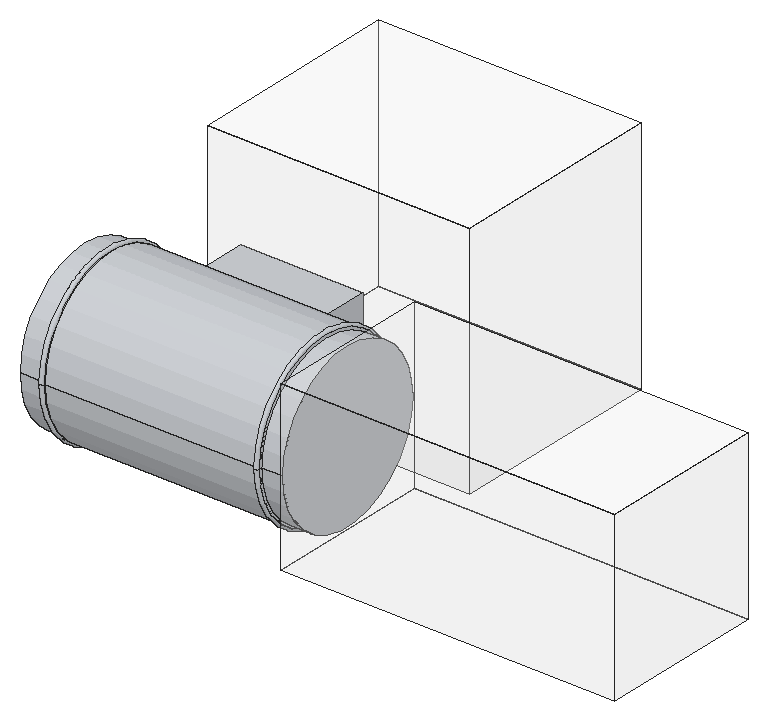
Revit family "SA_VAV", category ダクト付属品, Revit 2020
Family settings
  丸型コネクタ寸法 = 直径を使用
  パーツ タイプ = 割り込み
  OmniClass 番号 = 23.75.00.00
  OmniClass タイトル = Climate Control (HVAC)
  作業面ベース = いいえ
  常に垂直 = はい
  ロード時にボイドで切り取り = いいえ
  共有 = いいえ
Parameters (values of type "MW型")
  風量 [instance] = 0.0 L/s
  静圧 [instance] = 0.0 Pa
  Description = ""
  記号 [instance] = ""
  系統 = ""
  符号 = "可変風量ユニット"
  種別 = ""
  機器メーカー名 = "協立エアテック"
  既定の高さ = 0 mm
  接続部 [instance] = ダクト径 - 10 mm  # 340 mm
  形式 = "MW型"
  対象室 [instance] = ""
  呼称 = "VAV"
  メンテナンススペース [instance] = yes
  メンテ_W [instance] = ダクト径 * 2  # 700 mm
  メンテ_H [instance] = ダクト径  # 350 mm
  メンテ_D [instance] = ダクト径  # 350 mm
  ダクト径 [instance] = 350 mm
  VAV長さ [instance] = if(ダクト径 > 200 mm, 550 mm, 450 mm)  # 550 mm
  ダクト半径 [instance] = ダクト径 / 2  # 175 mm
  Type Comments = ""
  MIN風量 = 0.0 L/s
  MIN静圧 = 0.0 Pa
  MAX風量 = 0.0 L/s
  MAX静圧 = 0.0 Pa
  2D [instance] = yes
Reference planes
  plane 1 "中心(正面/背面)": y = 0
  plane 2: z = 0
  plane 3 "中心(左/右)": x = 0
  plane 4 "長_左": x = -275
  plane 5 "長-右": x = 275
  plane 6 "紐-右": x = 230
  plane 7: y = 175
  plane 8: y = 175
  plane 9: y = 175
  plane 10 "制御-あ": y = 175
  plane 11 "制御-い": y = 320
  plane 12 "制御-端": x = -205
  plane 13 "紐-左": x = -230
  plane 14: y = -106.315
Forms (mm)
  Revolve 1, solid
    sketch origin (0, 0, 0) x (1, 0, 0) y (0, 1, 0)
      loop
        line (-230, 175) -> (-230, 0) -> (230, 0) -> (230, 175) -> (-230, 175)
      axis (-230, 0) -> (230, 0)
    angle from 0 to 360
  Extrusion 2, solid
    sketch origin (-36.5, 45, 0) x (1, 0, 0) y (0, 1, 0)
      loop
        line (-168.5, 275) -> (-168.5, 130) -> (86.5, 130) -> (86.5, 275) -> (-168.5, 275)
    from -50 to 50
  Revolve 3, solid
    sketch origin (-340, 0, 0) x (1, 0, 0) y (0, 1, 0)
      loop
        arc (120, 175) -> (115, 180) -> (110, 175) r 5
        line (110, 175) -> (110, 0) -> (120, 0) -> (120, 175)
      axis (120, 0) -> (110, 0)
    angle from 0 to 360
  Revolve 4, solid
    sketch origin (-340, 0, 0) x (1, 0, 0) y (0, 1, 0)
      loop
        arc (570, 175) -> (565, 180) -> (560, 175) r 5
        line (560, 175) -> (560, 0) -> (570, 0) -> (570, 175)
      axis (570, 0) -> (560, 0)
    angle from 0 to 360
  Extrusion 5, solid
    sketch origin (0, 0, 0) x (0, 1, 0) y (0, 0, 1)
      loop
        circle (0, 0) r 170
    from 230 to 275
  Extrusion 6, solid
    sketch origin (0, 0, 0) x (0, 1, 0) y (0, 0, 1)
      loop
        circle (0, 0) r 170
    from -275 to -230
Lines and regions (mm)
  model lines, style "メンテナンススペース", visible <- "メンテナンススペース"
    curve 1: line (-275, 770, 0) -> (275, 320, 0)
    curve 2: line (275, 770, 0) -> (-275, 320, 0)
Dimensions and locks
  "ダクト半径": plane 1 "中心(正面/背面)" to plane 7
  "ダクト半径": plane 8 to plane 1 "中心(正面/背面)"
  "ダクト半径": plane 1 "中心(正面/背面)" to plane 9
  "ダクト半径": plane 1 "中心(正面/背面)" to plane 10 "制御-あ"
  locked: plane 11 "制御-い" to plane 10 "制御-あ" at 145
  locked: Extrusion 2 to Extrusion 2 at 255
  locked: Revolve 4 sketch curve to Revolve 4 sketch curve at 10
  locked: plane 6 "紐-右" to plane 5 "長-右" at 45
  locked: Revolve 3 sketch curve to Revolve 3 sketch curve at 10
  locked: plane 4 "長_左" to plane 12 "制御-端" at 70
  locked: plane 4 "長_左" to plane 13 "紐-左" at 45
  "ダクト径": plane 10 "制御-あ" to nested 3
  equal spacing: plane 10 "制御-あ", plane 1 "中心(正面/背面)", nested 3
  equal spacing: plane 13 "紐-左", plane 3 "中心(左/右)", plane 6 "紐-右"
  "VAV長さ": plane 4 "長_左" to plane 5 "長-右"
  "接続部": diameter of Extrusion 5 sketch curve
  "接続部": diameter of Extrusion 6 sketch curve
  aligned and locked: level to plane 2
  aligned and locked: Revolve 1 sketch curve to plane 7
  aligned and locked: Extrusion 2 to plane 10 "制御-あ"
  aligned and locked: plane 11 "制御-い" to Extrusion 2
  aligned and locked: Extrusion 2 to plane 12 "制御-端"
  aligned and locked: plane 6 "紐-右" to Revolve 4 sketch curve
  aligned and locked: nested 1 to plane 5 "長-右"
  aligned and locked: plane 3 "中心(左/右)" to nested 2
  aligned and locked: nested 2 to plane 11 "制御-い"
  aligned and locked: nested 2 to curve 2
  aligned and locked: curve 2 to nested 2
  aligned and locked: nested 2 to curve 1  (x2)
  aligned and locked: plane 13 "紐-左" to Revolve 3 sketch curve
  aligned and locked: nested 3 to plane 13 "紐-左"
  aligned and locked: plane 6 "紐-右" to nested 3
  aligned and locked: nested 3 to plane 10 "制御-あ"
  aligned and locked: Revolve 1 to plane 6 "紐-右"
  aligned and locked: Extrusion 5 to plane 5 "長-右"
  aligned and locked: Extrusion 5 to plane 6 "紐-右"
  aligned and locked: plane 4 "長_左" to Extrusion 6
  aligned and locked: Extrusion 6 to plane 13 "紐-左"
Automatic sketch dimensions
  Extrusion 2 sketch curve to plane 3 "中心(左/右)" = 205 mm
  plane 3 "中心(左/右)" to Extrusion 2 sketch curve = 50 mm
  plane 10 "制御-あ" to Extrusion 2 sketch curve = 145 mm
  curve 1 to plane 5 "長-右" = 0 mm
  curve 2 to plane 11 "制御-い" = 0 mm
  plane 11 "制御-い" to curve 2 = 450 mm
  curve 1 to curve 2 = 0 mm
  Extrusion 2 sketch curve to plane 10 "制御-あ" = 0 mm
  Extrusion 5 sketch curve to level = 0 mm
  Extrusion 5 sketch curve to plane 1 "中心(正面/背面)" = 0 mm
  Revolve 1 sketch curve to plane 13 "紐-左" = 0 mm
  plane 1 "中心(正面/背面)" to Revolve 1 sketch curve = 0 mm  (x2)
  Revolve 1 sketch curve to plane 6 "紐-右" = 0 mm
  Revolve 1 sketch curve to plane 5 "長-右" = 0 mm
  Revolve 1 sketch curve to plane 3 "中心(左/右)" = 50 mm
  plane 1 "中心(正面/背面)" to Revolve 3 sketch curve = 0 mm  (x2)
  Revolve 3 sketch curve to plane 9 = 0 mm
  Revolve 3 sketch curve to Revolve 3 sketch curve = 1.321 mm
  plane 3 "中心(左/右)" to Revolve 3 sketch curve = 33.679 mm
  plane 1 "中心(正面/背面)" to Revolve 4 sketch curve = 0 mm  (x2)
  Revolve 4 sketch curve to plane 8 = 0 mm
  Revolve 4 sketch curve to plane 3 "中心(左/右)" = 26.321 mm
  Revolve 4 sketch curve to Revolve 4 sketch curve = 3.679 mm
  Extrusion 6 sketch curve to level = 0 mm
  Extrusion 6 sketch curve to plane 1 "中心(正面/背面)" = 0 mm
Nested families
  nested 1: "2D" at (625, 0, 0), visible <- "2D", type "サービススペース"
    with Width 700 mm, Height 350 mm, Depth 350 mm
  nested 2: "メンテナンススペース" at (0, 545, 0), visible <- "メンテナンススペース", type "サービススペース"
    with Width 550 mm, Depth 450 mm
  nested 3: "塗り潰し" at (0, 0, 0), type "塗り潰し"
    with W 460 mm, D 350 mm
  nested 4: "文字ファミリ_一般注釈" at (543.431, 313.007, 0), visible <- "2D", type "文字ファミリ_一般注釈"
Connectors
  hvac at (230, 0, 0), driven by "ダクト径", driven by "風量"
    settings: index 1, duct flow 0.0 L/s, flow factor 0, pres drop 0.0 Pa, loss coef 0, conn angle 0.00°, conn width 304.8 mm, conn height 304.8 mm, conn diameter 350 mm, duct sys type 29, conn prof type 0, flow config 0, flow direction 1, loss method 0, conn ref index 2, conn util no, is conn primary yes, conn desc ""
  hvac at (-230, 0, 0), driven by "ダクト径", driven by "風量"
    settings: index 2, duct flow 0.0 L/s, flow factor 0, pres drop 0.0 Pa, loss coef 0, conn angle 0.00°, conn width 304.8 mm, conn height 304.8 mm, conn diameter 350 mm, duct sys type 29, conn prof type 0, flow config 0, flow direction 2, loss method 0, conn ref index 1, conn util no, is conn primary no, conn desc ""
Definition of nested family "2D"
  Parameters (values of type "サービススペース")
    Default Elevation = 0 mm
    Width = 500 mm
    Height = 500 mm
    Depth = 500 mm
  Reference planes
    plane 1 "中心(正面/背面)": y = 0
    plane 2: z = 0
    plane 3 "中心(左/右)": x = 0
    plane 4: y = -250
    plane 5: x = 250
    plane 6: y = 250
    plane 7: x = -250
    plane 8: z = 250
    plane 9: z = -250
  Forms (mm)
    Extrusion 1, solid
      sketch origin (-638.939, 0, 72.39) x (1, 0, 0) y (0, 1, 0)
        loop
          line (388.939, 250) -> (388.939, -250) -> (888.939, -250) -> (888.939, 250) -> (388.939, 250)
      from -322.39 to 177.61
  Lines and regions (mm)
    symbolic lines
      curve 1: line (-250, 0, 250) -> (250, 0, 250)
      curve 2: line (-250, 0, -250) -> (-250, 0, 250)
      curve 3: line (250, 0, -250) -> (-250, 0, -250)
      curve 4: line (250, 0, 250) -> (250, 0, -250)
      curve 5: line (0, -250, 250) -> (0, 250, 250)
      curve 6: line (0, -250, -250) -> (0, -250, 250)
      curve 7: line (0, 250, -250) -> (0, -250, -250)
      curve 8: line (0, 250, 250) -> (0, 250, -250)
      curve 9: line (-250, 250, 0) -> (250, 250, 0)
      curve 10: line (-250, -250, 0) -> (-250, 250, 0)
      curve 11: line (250, -250, 0) -> (-250, -250, 0)
      curve 12: line (250, 250, 0) -> (250, -250, 0)
  Dimensions and locks
    equal spacing: plane 7, plane 3 "中心(左/右)", plane 5
    equal spacing: plane 4, plane 1 "中心(正面/背面)", plane 6
    "Depth": plane 4 to plane 6
    "Width": plane 7 to plane 5
    equal spacing: plane 8, plane 2, plane 9
    "Height": plane 8 to plane 9
    aligned and locked: plane 9 to curve 3
    aligned and locked: plane 7 to curve 2
    aligned and locked: curve 4 to plane 5
    aligned and locked: plane 5 to Extrusion 1
    aligned and locked: Extrusion 1 to plane 7
    aligned and locked: Extrusion 1 to plane 9
    aligned and locked: plane 8 to Extrusion 1
    aligned and locked: plane 9 to curve 7
  Automatic sketch dimensions
    plane 4 to Extrusion 1 sketch curve = 0 mm
    Extrusion 1 sketch curve to plane 7 = 0 mm
    Extrusion 1 sketch curve to plane 5 = 0 mm
    plane 6 to Extrusion 1 sketch curve = 0 mm
    curve 2 to plane 8 = 0 mm
    plane 4 to curve 11 = 0 mm
    curve 11 to plane 7 = 0 mm
    curve 11 to plane 5 = 0 mm
    plane 6 to curve 10 = 0 mm
    curve 7 to plane 4 = 0 mm
    curve 7 to plane 6 = 0 mm
    curve 6 to plane 8 = 0 mm
Definition of nested family "メンテナンススペース"
  Parameters (values of type "サービススペース")
    Default Elevation = 0 mm
    Width = 500 mm
    Height = 500 mm
    Depth = 500 mm
  Reference planes
    plane 1 "中心(正面/背面)": y = 0
    plane 2: z = 0
    plane 3 "中心(左/右)": x = 0
    plane 4: y = -250
    plane 5: x = 250
    plane 6: y = 250
    plane 7: x = -250
    plane 8: z = 250
    plane 9: z = -250
  Forms (mm)
    Extrusion 1, solid
      sketch origin (-638.939, 0, 72.39) x (1, 0, 0) y (0, 1, 0)
        loop
          line (388.939, 250) -> (388.939, -250) -> (888.939, -250) -> (888.939, 250) -> (388.939, 250)
      from -322.39 to 177.61
  Lines and regions (mm)
    symbolic lines
      curve 1: line (-250, 0, 250) -> (250, 0, 250)
      curve 2: line (-250, 0, -250) -> (-250, 0, 250)
      curve 3: line (250, 0, -250) -> (-250, 0, -250)
      curve 4: line (250, 0, 250) -> (250, 0, -250)
      curve 5: line (0, -250, 250) -> (0, 250, 250)
      curve 6: line (0, -250, -250) -> (0, -250, 250)
      curve 7: line (0, 250, -250) -> (0, -250, -250)
      curve 8: line (0, 250, 250) -> (0, 250, -250)
      curve 9: line (-250, 250, 0) -> (250, 250, 0)
      curve 10: line (-250, -250, 0) -> (-250, 250, 0)
      curve 11: line (250, -250, 0) -> (-250, -250, 0)
      curve 12: line (250, 250, 0) -> (250, -250, 0)
  Dimensions and locks
    equal spacing: plane 7, plane 3 "中心(左/右)", plane 5
    equal spacing: plane 4, plane 1 "中心(正面/背面)", plane 6
    "Depth": plane 4 to plane 6
    "Width": plane 7 to plane 5
    equal spacing: plane 8, plane 2, plane 9
    "Height": plane 8 to plane 9
    aligned and locked: plane 9 to curve 3
    aligned and locked: plane 7 to curve 2
    aligned and locked: curve 4 to plane 5
    aligned and locked: plane 5 to Extrusion 1
    aligned and locked: Extrusion 1 to plane 7
    aligned and locked: Extrusion 1 to plane 9
    aligned and locked: plane 8 to Extrusion 1
    aligned and locked: plane 9 to curve 7
  Automatic sketch dimensions
    plane 4 to Extrusion 1 sketch curve = 0 mm
    Extrusion 1 sketch curve to plane 7 = 0 mm
    Extrusion 1 sketch curve to plane 5 = 0 mm
    plane 6 to Extrusion 1 sketch curve = 0 mm
    curve 2 to plane 8 = 0 mm
    plane 4 to curve 11 = 0 mm
    curve 11 to plane 7 = 0 mm
    curve 11 to plane 5 = 0 mm
    plane 6 to curve 10 = 0 mm
    curve 7 to plane 4 = 0 mm
    curve 7 to plane 6 = 0 mm
    curve 6 to plane 8 = 0 mm
Definition of nested family "塗り潰し"
  Parameters (values of type "塗り潰し")
    W [instance] = 200 mm
    D [instance] = 200 mm
  Reference planes
    plane 1 "中心(正面/背面)": y = 0
    plane 2: z = 0
    plane 3 "中心(左/右)": x = 0
    plane 4: x = -100
    plane 5: x = 100
    plane 6: y = 100
    plane 7: y = -100
  Lines and regions (mm)
    Filled region 1, type "塗り潰し", in view "参照レベル"
      outline origin (0, 0, 0) x (1, 0, 0) y (0, 1, 0)
        loop
          line (100, -100) -> (100, 100) -> (-100, 0) -> (100, -100)
  Dimensions and locks
    equal spacing: plane 7, plane 1 "中心(正面/背面)", plane 6
    "D": plane 7 to plane 6
    equal spacing: plane 4, plane 3 "中心(左/右)", plane 5
    "W": plane 4 to plane 5
  Automatic sketch dimensions
    Filled region 1 sketch curve to plane 5 = 0 mm
    plane 7 to Filled region 1 sketch curve = 0 mm
    plane 1 "中心(正面/背面)" to Filled region 1 sketch curve = 0 mm
    plane 6 to Filled region 1 sketch curve = 0 mm
    Filled region 1 sketch curve to plane 4 = 0 mm
Definition of nested family "文字ファミリ_一般注釈"
  Parameters (values of type "文字ファミリ_一般注釈")
    文字 = ""
  Reference planes
    plane 1: y = 0
    plane 2: x = 0
  Text (mm)
    label "文字" at (-2.342, -0.04, 0), shows "文字"
